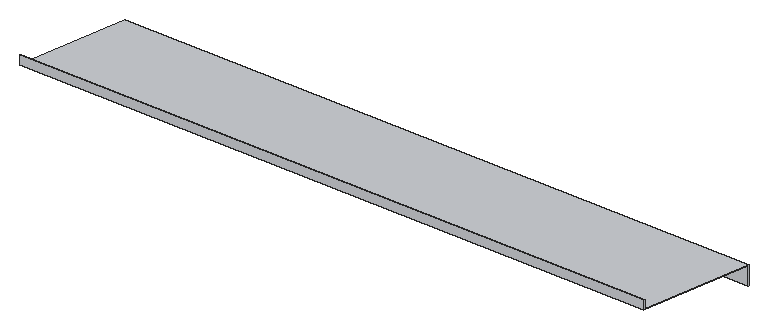
Revit family "AVLN_Отлив", category Обобщенные модели, Revit 2019
Family settings
  Может служить основой для арматурных стержней = Нет
  Размер круглого соединителя = Использовать диаметр
  Тип детали = Нормальный
  На основе рабочей плоскости = Да
  Всегда вертикально = Нет
  При загрузке вырезать с полостями = Нет
  Общий = Да
  Точка расчета площади = Нет
Parameters (values of type "AVLN_Отлив (глубина 230мм)")
  Ш_ПП [instance] = 50 mm
  Ш_МЗЗ [instance] = 35 mm
  ТО [instance] = 1 mm
  Default Elevation = 1219.2 mm
  М = none
  Длина отлива [instance] = 1200 mm
  Глубина отлива = 230 mm
  ADSK_Этаж [instance] = ""
  ADSK_Примечание [instance] = ""
  ADSK_Обозначение [instance] = ""
  ADSK_Номер секции [instance] = ""
  ADSK_Наименование [instance] = ""
  ADSK_Марка [instance] = ""
  ADSK_Группирование [instance] = ""
Types (4, lengths in mm): name | М | Глубина отлива
  AVLN_Отлив (глубина 230мм) | none | 230
  AVLN_Отлив (глубина 200мм) | RAL 7024 | 200
  AVLN_Отлив (глубина 180мм) | RAL 7024 | 180
  AVLN_Отлив вентфасад | ADSK_ФАСАД_(Ф6)_Плитка_Керамогранит под дерево_ВЕНТФАСАД | 200
Reference planes
  plane 1 "По центру (Вперед/Назад)": y = 0
  plane 2: z = 0
  plane 3 "По центру (Влево/Вправо)": x = 0
  plane 4: x = -600
  plane 5: x = 600
  plane 6: y = 230
  plane 7: z = 35
  plane 8: z = 85
  plane 9: y = 1
  plane 10: y = 250
  plane 11: y = 251
  plane 12: z = -35
  plane 13: z = 34
Forms (mm)
  Extrusion 1, solid, material <- "М"
    sketch origin (0, 0, 0) x (0, -1, 0) y (0, 0, -1)
      loop
        line (0, -50.625) -> (0, -34) -> (-250, 0) -> (-250, 35) -> (-251, 35) -> (-251, -0.873) -> (-1, -34.873) -> (-1, -50.625) -> (0, -50.625)
    from -600 to 600
Dimensions and locks
  equal spacing: plane 4, plane 3 "По центру (Влево/Вправо)", plane 5
  "Длина отлива": plane 4 to plane 5
  "Ш_МЗЗ": plane 7 to level
  "Ш_ПП": plane 8 to plane 7
  "ТО": plane 1 "По центру (Вперед/Назад)" to plane 9
  "ТО": plane 10 to plane 11
  locked: level to plane 12 at 35
  "ТО": plane 7 to plane 13
  "ТО": Extrusion 1 sketch curve to Extrusion 1 sketch curve
  locked: plane 6 to plane 10 at 20
  "Глубина отлива": plane 6 to plane 1 "По центру (Вперед/Назад)"
  aligned and locked: level to plane 2
  aligned and locked: plane 9 to Extrusion 1 sketch curve
  aligned and locked: plane 11 to Extrusion 1 sketch curve
  aligned and locked: Extrusion 1 sketch curve to plane 12
  aligned and locked: Extrusion 1 sketch curve to plane 1 "По центру (Вперед/Назад)"  (x2)
  aligned and locked: Extrusion 1 sketch curve to plane 13
  aligned and locked: Extrusion 1 sketch curve to level
  aligned and locked: plane 10 to Extrusion 1 sketch curve
  aligned and locked: Extrusion 1 to plane 4
  aligned and locked: plane 5 to Extrusion 1
Automatic sketch dimensions
  Extrusion 1 sketch curve to plane 8 = 34.375 mm
